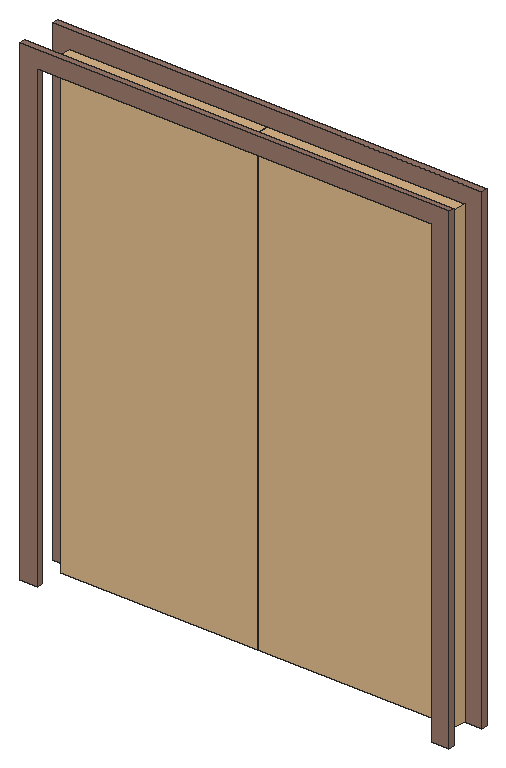
Revit family "Door-Double-Flush_Panel", category Doors, host Wall, Revit 2022
Family settings
  Host = Wall
  OmniClass Number = 23.30.10.00
  OmniClass Title = Doors
  Always vertical = Yes
  Cut with Voids When Loaded = Yes
  Shared = Yes
  Room Calculation Point = Yes
Parameters (values of type "68" x 80"")
  Visual Light Transmittance = 0
  Thickness = 0' - 2"
  Thermal Resistance (R) = 2.5876 (h·ft²·°F)/BTU
  Swing Angle [instance] = 90.00°
  Solar Heat Gain Coefficient = 0
  Panel Width = 1 / 2 * Width  # 2' - 10"
  Define Thermal Properties by = Schematic Type
  Construction Type Id = "DOOR"
  Heat Transfer Coefficient (U) = 0.3865 BTU/(h·ft²·°F)
  Function = Interior
  Assembly Code = "C1020"
  Panel Material = Wood - Birch - Solid Stained Light Low Gloss
  Trim Material = Paint - Sienna
  Height = 6' - 8"
  Trim Projection Ext = 0' - 1"
  Trim Projection Int = 0' - 1"
  Trim Width = 0' - 3"
  Wall Closure = By host
  Width = 5' - 8"
  Analytic Construction = "Wooden"
Types (13): name | Thickness | Panel Width | Height | Width
  68" x 80" | 0' - 2" | 2' - 10" | 6' - 8" | 5' - 8"
  EF_3.12842590325634x6.66666666666667 | 0' - 8" | 1' - 6.77056" | 6' - 8" | 3' - 1.54111"
  EF_2.50351768784174x6.66666666666667 | 0' - 8" | 1' - 3.02111" | 6' - 8" | 2' - 6.04221"
  EF_2.66249032446399x6.66666666666667 | 0' - 8" | 1' - 3.97494" | 6' - 8" | 2' - 7.94988"
  EF_2.66331636793552x6.66666666666667 | 0' - 8" | 1' - 3.9799" | 6' - 8" | 2' - 7.9598"
  EF_2.8364321551924x6.66666666666667 | 0' - 8" | 1' - 5.01859" | 6' - 8" | 2' - 10.03719"
  EF_3.16934693710809x6.66666666666667 | 0' - 8" | 1' - 7.01608" | 6' - 8" | 3' - 2.03216"
  EF_1.66457296588342x6.66666666666667 | 0' - 8" | 0' - 9.98744" | 6' - 8" | 1' - 7.97488"
  EF_2.49020089524353x6.66666666666667 | 0' - 8" | 1' - 2.94121" | 6' - 8" | 2' - 5.88241"
  EF_2.5027405968182x6.66666666666667 | 0' - 8" | 1' - 3.01644" | 6' - 8" | 2' - 6.03289"
  EF_3.16836325655099x6.66666666666667 | 0' - 8" | 1' - 7.01018" | 6' - 8" | 3' - 2.02036"
  EF_2.83555208391825x6.66666666666667 | 0' - 8" | 1' - 5.01331" | 6' - 8" | 2' - 10.02663"
  EF_8.25371978571122x7 | 0' - 8" | 4' - 1.52232" | 7' - 0" | 8' - 3.04464"
Reference planes (in)
  plane 1 "Center(Front/Right)": y = 0
  plane 2: z = 0
  plane 3 "Center (Left/Right)": x = 0
  plane 4 "Left": x = -34
  plane 5 "Right": x = 34
  plane 6 "Top": z = 80
  plane 7: y = 3
Forms (in)
  Extrusion 1, solid, material "Paint - Sienna" <- "Trim Material", detail levels fine
    sketch origin (-90, 3, 0) x (-1, 0, 0) y (0, 0, 1)
      loop
        line (-124, 80) -> (-56, 80) -> (-56, 0) -> (-53, 0) -> (-53, 83) -> (-127, 83) -> (-127, 0) -> (-124, 0) -> (-124, 80)
    from 0 to 1
  Extrusion 2, solid, material "Paint - Sienna" <- "Trim Material", detail levels fine
    sketch origin (-90, -3, 0) x (1, 0, 0) y (0, 0, 1)
      loop
        line (56, 0) -> (56, 80) -> (124, 80) -> (124, 0) -> (127, 0) -> (127, 83) -> (53, 83) -> (53, 0) -> (56, 0)
    from 0 to 1
  Extrusion 3, solid, material "Wood - Birch - Solid Stained Light Low Gloss" <- "Panel Material"
    sketch origin (-60, 3, 0) x (-1, 0, 0) y (0, 0, 1)
      loop
        line (-60, 80) -> (-60, 0) -> (-26, 0) -> (-26, 80) -> (-60, 80)
    from 0 to -2
  Extrusion 4, solid, material "Wood - Birch - Solid Stained Light Low Gloss" <- "Panel Material"
    sketch origin (0, 0, 0) x (-1, 0, 0) y (0, 0, 1)
      loop
        line (-34, 80) -> (-34, 0) -> (0, 0) -> (0, 80) -> (-34, 80)
    from 1 to 3
Lines and regions (in)
  Opening 1
    outline origin (-90, -3, 0) x (1, 0, 0) y (0, 0, 1)
      loop
        line (56, 0) -> (124, 0) -> (124, 80) -> (56, 80) -> (56, 0)
  symbolic lines, style "Elevation Swing"
    curve 1: line (0, 0, 80) -> (-34, 0, 40)
    curve 2: line (0, 0, 0) -> (-34, 0, 40)
    curve 3: line (0, 0, 0) -> (34, 0, 40)
    curve 4: line (34, 0, 40) -> (0, 0, 80)
Text (in)
  text "Exterior" at (-58.67754, 39.5847, 0), in view "Ref. Level"
  text "Interior" at (-58.34764, -27.11922, 0), in view "Ref. Level"
  text "Exterior" at (0, 40.15149, 123.01588), in view "Right"
  text "Interior" at (0, -64.39139, 123.01588), in view "Right"
  text "Interior" at (0, -27.50358, 116.57024), in view "Left"
  text "Exterior" at (0, 54.57065, 116.57024), in view "Left"
Dimensions and locks (in)
  "Height": plane 2 to plane 6 "Top"
  "Trim Width": Extrusion 2 sketch curve to plane 4 "Left"
  "Trim Width": Extrusion 2 sketch curve to plane 5 "Right"
  "Trim Width": Extrusion 2 sketch curve to plane 6 "Top"
  "Trim Width": Extrusion 1 sketch curve to Extrusion 1 sketch curve  (x2)
  "Trim Width": Extrusion 1 sketch curve to plane 6 "Top"
  "Trim Projection Int": Extrusion 2 to host wall
  "Trim Projection Ext": Extrusion 1 to host wall
  "Thickness": Extrusion 3 to host wall
  "Width": plane 4 "Left" to plane 5 "Right"
  equal spacing: plane 4 "Left", plane 3 "Center (Left/Right)", plane 5 "Right"
  equal spacing: plane 6 "Top", curve 2, level
  equal spacing: plane 6 "Top", curve 4, level
  aligned and locked: plane 4 "Left" to Opening 1 sketch curve
  aligned and locked: plane 6 "Top" to Opening 1 sketch curve  (x2)
  aligned and locked: Opening 1 sketch curve to plane 5 "Right"
  aligned and locked: Opening 1 sketch curve to level
  aligned and locked: plane 6 "Top" to Extrusion 1 sketch curve  (x2)
  aligned and locked: plane 4 "Left" to Extrusion 1 sketch curve
  aligned and locked: Extrusion 1 sketch curve to plane 4 "Left"
  aligned and locked: plane 2 to Extrusion 1 sketch curve
  aligned and locked: Extrusion 1 sketch curve to plane 2
  aligned and locked: level to Extrusion 1 sketch curve
  aligned and locked: plane 5 "Right" to Extrusion 1 sketch curve
  aligned and locked: Extrusion 1 to host wall
  aligned and locked: plane 4 "Left" to Extrusion 2 sketch curve
  aligned and locked: plane 6 "Top" to Extrusion 2 sketch curve  (x2)
  aligned and locked: plane 5 "Right" to Extrusion 2 sketch curve  (x2)
  aligned and locked: level to Extrusion 2 sketch curve
  aligned and locked: Extrusion 2 sketch curve to level
  aligned and locked: plane 2 to Extrusion 2 sketch curve
  aligned and locked: Extrusion 2 to host wall
  aligned and locked: plane 7 to host wall
  aligned and locked: Extrusion 4 to Extrusion 3  (x2)
  aligned and locked: nested 1 to plane 5 "Right"
  aligned and locked: nested 1 to plane 7
  aligned and locked: nested 1 to plane 3 "Center (Left/Right)"
  aligned and locked: nested 2 to plane 4 "Left"
  aligned and locked: plane 7 to Extrusion 3
  aligned and locked: nested 2 to plane 3 "Center (Left/Right)"
  aligned and locked: plane 7 to nested 2
  aligned and locked: plane 7 to nested 1
Automatic sketch dimensions
  Extrusion 3 sketch curve to level = 0' - 0"
  Extrusion 3 sketch curve to plane 4 "Left" = 0' - 0"
  Extrusion 3 sketch curve to plane 6 "Top" = 0' - 0"
  Extrusion 3 sketch curve to plane 3 "Center (Left/Right)" = 0' - 0"
  Extrusion 4 sketch curve to level = 0' - 0"
  Extrusion 4 sketch curve to plane 5 "Right" = 0' - 0"
  Extrusion 4 sketch curve to plane 3 "Center (Left/Right)" = 0' - 0"
  Extrusion 4 sketch curve to plane 6 "Top" = 0' - 0"
  curve 1 to plane 3 "Center (Left/Right)" = 0' - 0"
  curve 1 to plane 6 "Top" = 0' - 0"
  curve 2 to plane 4 "Left" = 0' - 0"
  curve 4 to plane 5 "Right" = 0' - 0"
  curve 3 to level = 0' - 0"
  curve 2 to plane 3 "Center (Left/Right)" = 0' - 0"
Nested families (in)
  nested 1: "Door Swing-Single" at (34, 3, 0), Swing Angle <- "Swing Angle", type "Single"
    with Swing Visible yes, Swing Angle 90.00°, Actual Angle 90.00°
  nested 2: "Door Swing-Single" at (-34, 3, 0) x (-1, 0, 0) z (0, 0, 1), Swing Angle <- "Swing Angle", type "Single"
    with Swing Visible yes, Swing Angle 90.00°, Actual Angle 90.00°
Definition of nested family "Door Swing-Single"
  Parameters
    Width = 3' - 0"
    Thickness = 0' - 1 3/4"
    Swing Visible [instance] = Swing Angle > 1.00°  # yes
    Swing Angle [instance] = 45.00°
    Assembly Code = ""
    Analytic Construction = "<None>"
    Actual Angle [instance] = if(Swing Angle < 1.00°, 1.00°, Swing Angle)  # 45.00°
  Reference planes (in)
    plane 1 "Center (Front/Back)": y = 0
    plane 2: z = 0
    plane 3 "Center (Left/Right)": x = 0
    plane 4: x = -36
  Lines and regions (in)
    Masking region 1
      outline origin (0, 0, 0) x (-0.707107, 0.707107, 0) y (-0.707107, -0.707107, 0)
        loop
          line (0, 0) -> (36, 0) -> (36, 1.75) -> (0, 1.75) -> (0, 0)
    symbolic lines
      curve 1: line (0, 0, 0) -> (-36, 0, 0)
    symbolic lines, visible <- "Swing Visible"
      curve 2: arc (-36, 0, 0) -> (-33.25966, 13.7766, 0) -> (-25.45584, 25.45584, 0) r 36
    reference lines
      curve 3: line (0, 0, 0) -> (-25.45584, 25.45584, 0)
    model lines
      curve 4: line (0, 0, 0) -> (0, 0, 1)
  Dimensions and locks (in)
    "Width": plane 4 to plane 3 "Center (Left/Right)"
    locked: curve 2 to plane 3 "Center (Left/Right)"
    locked: curve 2 to plane 1 "Center (Front/Back)"
    "Width": curve 3 to curve 3
    "Thickness": Masking region 1 sketch curve to Masking region 1 sketch curve
    locked: curve 4 to plane 2 at 1
    "Width": radius of curve 2
    "Actual Angle": angle curve 2 to curve 2
    "Swing Angle": angle curve 3 to plane 1 "Center (Front/Back)"
    aligned and locked: curve 1 to plane 1 "Center (Front/Back)"
    aligned and locked: plane 3 "Center (Left/Right)" to curve 1
    aligned and locked: plane 3 "Center (Left/Right)" to curve 3
    aligned and locked: plane 1 "Center (Front/Back)" to curve 3
    aligned and locked: curve 3 to Masking region 1 sketch curve
    aligned and locked: Masking region 1 sketch curve to curve 3  (x2)
    aligned and locked: plane 3 "Center (Left/Right)" to curve 4
    aligned and locked: plane 2 to curve 4
